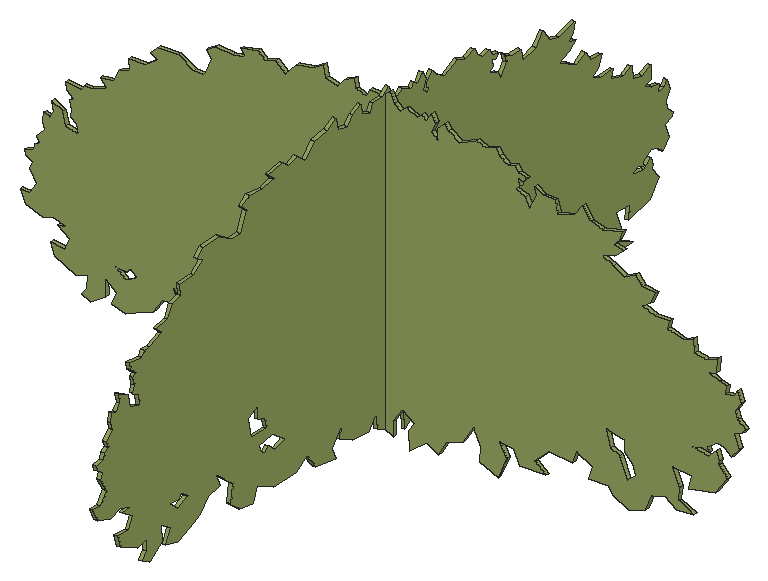
Revit family "L-PL상록관목_눈향나무", category 수목, Revit 2019
Family settings
  OmniClass 번호 = 23.40.05.00
  OmniClass 제목 = Plants and Planting Products
  작업 기준면 기반 = 아니오
  항상 수직 = 예
  로드될 때 보이드를 사용하여 절단 = 아니오
  렌더 모양 소스 = 패밀리 형상
  공유 = 아니오
Parameters (values of type "눈향나무")
  한국산업규격KS = ""
  조달청표준공사코드-세부공종 = "10161599202809"
  높이 = 1000 mm
  건설정보분류체계-부위분류 = "E985"
  LIM_INFO_주의사항 = "재배포, 재가공, 판매 금지"
  LIM_INFO_제작일 = "20211210"
  LIM_INFO_버전 = "2022_V01"
  LIM_INFO_PL_학명 = "Quercus myrsinaefolia Bl."
  LIM_INFO_PL_품명 = "가시나무"
  LIM_INFO_PL_주당인정수량 = 0
  LIM_INFO_PL_수목단위 = "주"
  LIM_INFO_PL_규격 = "5.0H X 18R"
  LIM_INFO_PL_구분 = "상록교목"
  LIM_INFO_PL_가격 = 0
  LIM_INFO_PL_Qty [instance] = 0
  LIM_INFO_PL_M2당수량 = 0
  KBIMS_식별-버전 = ""
  KBIMS_식별-bSK등록번호 = ""
  KBIMS_보급정보-저작자 = "림인포테크_MMJ"
  KBIMS_보급정보-보급코드 = ""
Reference planes
  plane 1 "중심(앞/뒤)": y = 0
  plane 2: z = 0
  plane 3 "중심(왼쪽/오른쪽)": x = 0
  plane 4: x = 482.5
  plane 5: x = -607.5
  plane 6: z = -545
  plane 7: z = -817.5
  plane 8: z = 5000
  plane 9: x = -100
  plane 10: x = 100
Dimensions and locks
  plane 4 to plane 5 = 1090 mm
  plane 6 to level = 545 mm
  plane 7 to plane 6 = 272.5 mm
  locked: level to plane 8 at 5000
  plane 9 to plane 10 = 200 mm
  aligned and locked: level to plane 2
Nested families
  nested 1: "눈향나무_base" at (0, 0, 0), type "눈향나무_base"
Definition of nested family "눈향나무_base"
  Parameters (values of type "눈향나무_base")
    Height = 6000 mm
  Reference planes
    plane 1 "중심(앞/뒤)": y = 0
    plane 2: z = 0
    plane 3 "중심(왼쪽/오른쪽)": x = 0
  Forms (mm)
    Extrusion 1, solid, detail levels fine
      sketch origin (0, 0, 0) x (1, 0, 0) y (0, 0, 1)
        loop
          line (-356.939, 324.391) -> (-371.23, 319.979) -> (-379.217, 304.222) -> (-398.552, 300.65) -> (-389.823, 291.651) -> (-411.089, 283.215) -> (-420.879, 283.215) -> (-424.929, 276.466) -> (-446.533, 279.165) -> (-445.183, 269.379) -> (-436.069, 261.955) -> (-440.795, 258.243) -> (-438.094, 247.108) -> (-440.457, 237.659) -> (-431.343, 232.26) -> (-428.939, 218.424) -> (-447.025, 224.167) -> (-450.855, 240.759) -> (-466.602, 248.416) -> (-463.41, 236.079) -> (-469.581, 227.358) -> (-477.879, 229.91) -> (-479.581, 218.211) -> (-476.39, 208.213) -> (-487.242, 197.152) -> (-483.837, 189.281) -> (-490.859, 185.24) -> (-492.349, 177.369) -> (-504.477, 174.179) -> (-502.562, 167.584) -> (-493.838, 161.841) -> (-497.668, 153.545) -> (-487.242, 136.741) -> (-498.082, 121.716) -> (-510.754, 122.058) -> (-502.877, 105.625) -> (-479.246, 98.093) -> (-464.862, 103.571) -> (-445.684, 97.751) -> (-458.013, 95.354) -> (-440.889, 84.056) -> (-447.739, 69.335) -> (-467.602, 70.704) -> (-462.808, 54.613) -> (-433.012, 41.261) -> (-416.574, 45.37) -> (-416.916, 29.621) -> (-424.451, 20.377) -> (-412.122, 14.557) -> (-390.546, 29.279) -> (-391.573, 51.19) -> (-374.792, 39.892) -> (-383.011, 22.089) -> (-363.242, 17.522) -> (-334.64, 29.235) -> (-323.26, 33.808) -> (-310.449, 51.539) -> (-288.755, 55.522) -> (-295.131, 72.019) -> (-266.627, 48.399) -> (-270.003, 23.654) -> (-253.501, 10.531) -> (-230.623, 7.532) -> (-223.497, 26.653) -> (-193.868, 12.406) -> (-154.863, 12.406) -> (-136.486, 25.528) -> (-120.268, 5.041) -> (-85.159, 0.187) -> (-92.629, 15.869) -> (-77.689, 36.405) -> (-78.062, 21.843) -> (-55.652, 10.268) -> (-28.386, 9.148) -> (-14.94, 26.697) -> (-12.326, 5.414) -> (12.326, -5.414) -> (12.326, 14.002) -> (25.025, 32.671) -> (42.579, 21.096) -> (33.989, 9.148) -> (35.856, -15.495) -> (59.387, 3.174) -> (76.568, -5.414) -> (87.4, 13.255) -> (110.348, 23.017) -> (125.567, 46.024) -> (134.847, 24.501) -> (132.991, 4.834) -> (159.346, -5.185) -> (170.853, 23.017) -> (161.202, 40.458) -> (181.617, 39.344) -> (189.784, 20.42) -> (225.79, 21.162) -> (210.571, 33.407) -> (230.987, 52.332) -> (263.281, 50.106) -> (269.962, 66.062) -> (291.438, 54.721) -> (286.881, 38.416) -> (313.745, 38.416) -> (320.074, 29.316) -> (341.974, 18.554) -> (366.102, 26.718) -> (375.01, 47.498) -> (392.457, 54.178) -> (409.903, 41.932) -> (434.037, 44.295) -> (411.766, 55.056) -> (413.622, 71.384) -> (404.342, 94.39) -> (429.954, 92.535) -> (426.985, 75.094) -> (464.847, 83.258) -> (480.808, 105.893) -> (468.671, 120.448) -> (470.516, 125.29) -> (465.903, 136.356) -> (454.603, 126.212) -> (432.693, 129.44) -> (443.763, 133.82) -> (454.603, 130.362) -> (452.757, 137.048) -> (466.365, 146.27) -> (477.204, 143.965) -> (487.122, 135.434) -> (497.731, 148.576) -> (491.504, 166.328) -> (502.343, 170.94) -> (505.803, 176.012) -> (494.732, 185.465) -> (491.96, 196.067) -> (500.423, 207.729) -> (494.705, 221.677) -> (491.045, 214.131) -> (478.007, 212.073) -> (480.066, 222.134) -> (468.629, 224.421) -> (456.506, 231.052) -> (465.655, 234.253) -> (467.028, 252.317) -> (452.16, 245.457) -> (435.005, 248.887) -> (432.946, 265.351) -> (419.451, 258.72) -> (396.806, 265.351) -> (400.237, 276.098) -> (379.022, 274.965) -> (362.235, 281.768) -> (372.897, 288.798) -> (379.703, 303.766) -> (361.555, 305.353) -> (352.254, 317.826) -> (337.055, 309.208) -> (321.402, 317.826) -> (304.615, 325.31) -> (322.99, 331.433) -> (334.786, 341.184) -> (322.082, 344.813) -> (329.115, 351.843) -> (333.652, 364.996) -> (306.401, 357.788) -> (288.605, 362.306) -> (277.588, 377.696) -> (266.43, 361.882) -> (242.472, 355.601) -> (239.384, 371.457) -> (221.979, 371.457) -> (210.469, 377.772) -> (213.416, 367.107) -> (203.591, 349.707) -> (198.116, 361.494) -> (183.331, 366.087) -> (189.344, 371.429) -> (188.23, 380.556) -> (194.465, 378.998) -> (199.587, 385.008) -> (188.23, 387.679) -> (183.554, 395.47) -> (172.643, 391.686) -> (161.732, 399.922) -> (157.278, 407.936) -> (142.359, 402.593) -> (128.776, 407.268) -> (105.84, 396.806) -> (89.696, 406.127) -> (84.163, 412.985) -> (74.426, 402.809) -> (74.869, 388.871) -> (66.017, 396.835) -> (71.328, 408.118) -> (66.017, 418.958) -> (58.714, 407.454) -> (51.853, 413.206) -> (46.764, 406.791) -> (31.494, 413.87) -> (23.306, 408.118) -> (13.79, 413.649) -> (8.036, 426.701) -> (-3.565, 418.6) -> (-20.465, 418.38) -> (-24.416, 408.068) -> (-39.779, 413.773) -> (-41.535, 425.84) -> (-55.362, 418.819) -> (-65.239, 408.507) -> (-82.139, 412.237) -> (-84.992, 427.157) -> (-99.917, 418.38) -> (-122.523, 414.65) -> (-138.677, 397.201) -> (-152.2, 408.987) -> (-167.11, 403.787) -> (-178.205, 412.106) -> (-202.131, 407.254) -> (-194.156, 398.935) -> (-213.226, 395.122) -> (-236.805, 397.201) -> (-249.981, 388.189) -> (-241.659, 380.217) -> (-252.062, 355.891) -> (-267.923, 355.891) -> (-289.058, 368.299) -> (-317.848, 367.251) -> (-327.516, 357.586) -> (-317.638, 352.544) -> (-334.241, 339.728) -> (-358.62, 338.888) -> (-356.939, 324.391)
        loop
          line (-210.576, 106.624) -> (-221.467, 109.346) -> (-221.467, 125.95) -> (-239.438, 117.784) -> (-233.992, 91.381) -> (-206.219, 91.381) -> (-210.576, 106.624)
        loop
          line (-376.597, 71.066) -> (-363.011, 59.238) -> (-345.482, 67.561) -> (-356.438, 75.885) -> (-360.422, 70.641) -> (-376.597, 71.066)
        loop
          line (-173.162, 63.797) -> (-195.849, 79.379) -> (-220.354, 75.841) -> (-216.731, 66.247) -> (-210.261, 60.549) -> (-203.745, 67.947) -> (-192.309, 57.876) -> (-173.162, 63.797)
        loop
          line (316.889, 88.044) -> (329.65, 81.885) -> (341.532, 55.491) -> (352.571, 65.503) -> (348.573, 78.366) -> (336.691, 89.804) -> (336.691, 104.76) -> (312.048, 110.039) -> (316.889, 88.044)
      from 0 to 5
    Extrusion 2, solid, detail levels fine
      sketch origin (-5, -5, 0) x (0, 1, 0) y (0, 0, 1)
        loop
          line (-356.939, 324.391) -> (-371.23, 319.979) -> (-379.217, 304.222) -> (-398.552, 300.65) -> (-389.823, 291.651) -> (-411.089, 283.215) -> (-420.879, 283.215) -> (-424.929, 276.466) -> (-446.533, 279.165) -> (-445.183, 269.379) -> (-436.069, 261.955) -> (-440.795, 258.243) -> (-438.094, 247.108) -> (-440.457, 237.659) -> (-431.343, 232.26) -> (-428.939, 218.424) -> (-447.025, 224.167) -> (-450.855, 240.759) -> (-466.602, 248.416) -> (-463.41, 236.079) -> (-469.581, 227.358) -> (-477.879, 229.91) -> (-479.581, 218.211) -> (-476.39, 208.213) -> (-487.242, 197.152) -> (-483.837, 189.281) -> (-490.859, 185.24) -> (-492.349, 177.369) -> (-504.477, 174.179) -> (-502.562, 167.584) -> (-493.838, 161.841) -> (-497.668, 153.545) -> (-487.242, 136.741) -> (-498.082, 121.716) -> (-510.754, 122.058) -> (-502.877, 105.625) -> (-479.246, 98.093) -> (-464.862, 103.571) -> (-445.684, 97.751) -> (-458.013, 95.354) -> (-440.889, 84.056) -> (-447.739, 69.335) -> (-467.602, 70.704) -> (-462.808, 54.613) -> (-433.012, 41.261) -> (-416.574, 45.37) -> (-416.916, 29.621) -> (-424.451, 20.377) -> (-412.122, 14.557) -> (-390.546, 29.279) -> (-391.573, 51.19) -> (-374.792, 39.892) -> (-383.011, 22.089) -> (-363.242, 17.522) -> (-334.64, 29.235) -> (-323.26, 33.808) -> (-310.449, 51.539) -> (-288.755, 55.522) -> (-295.131, 72.019) -> (-266.627, 48.399) -> (-270.003, 23.654) -> (-253.501, 10.531) -> (-230.623, 7.532) -> (-223.497, 26.653) -> (-193.868, 12.406) -> (-154.863, 12.406) -> (-136.486, 25.528) -> (-120.268, 5.041) -> (-85.159, 0.187) -> (-92.629, 15.869) -> (-77.689, 36.405) -> (-78.062, 21.843) -> (-55.652, 10.268) -> (-28.386, 9.148) -> (-14.94, 26.697) -> (-12.326, 5.414) -> (12.326, -5.414) -> (12.326, 14.002) -> (25.025, 32.671) -> (42.579, 21.096) -> (33.989, 9.148) -> (35.856, -15.495) -> (59.387, 3.174) -> (76.568, -5.414) -> (87.4, 13.255) -> (110.348, 23.017) -> (125.567, 46.024) -> (134.847, 24.501) -> (132.991, 4.834) -> (159.346, -5.185) -> (170.853, 23.017) -> (161.202, 40.458) -> (181.617, 39.344) -> (189.784, 20.42) -> (225.79, 21.162) -> (210.571, 33.407) -> (230.987, 52.332) -> (263.281, 50.106) -> (269.962, 66.062) -> (291.438, 54.721) -> (286.881, 38.416) -> (313.745, 38.416) -> (320.074, 29.316) -> (341.974, 18.554) -> (366.102, 26.718) -> (375.01, 47.498) -> (392.457, 54.178) -> (409.903, 41.932) -> (434.037, 44.295) -> (411.766, 55.056) -> (413.622, 71.384) -> (404.342, 94.39) -> (429.954, 92.535) -> (426.985, 75.094) -> (464.847, 83.258) -> (480.808, 105.893) -> (468.671, 120.448) -> (470.516, 125.29) -> (465.903, 136.356) -> (454.603, 126.212) -> (432.693, 129.44) -> (443.763, 133.82) -> (454.603, 130.362) -> (452.757, 137.048) -> (466.365, 146.27) -> (477.204, 143.965) -> (487.122, 135.434) -> (497.731, 148.576) -> (491.504, 166.328) -> (502.343, 170.94) -> (505.803, 176.012) -> (494.732, 185.465) -> (491.96, 196.067) -> (500.423, 207.729) -> (494.705, 221.677) -> (491.045, 214.131) -> (478.007, 212.073) -> (480.066, 222.134) -> (468.629, 224.421) -> (456.506, 231.052) -> (465.655, 234.253) -> (467.028, 252.317) -> (452.16, 245.457) -> (435.005, 248.887) -> (432.946, 265.351) -> (419.451, 258.72) -> (396.806, 265.351) -> (400.237, 276.098) -> (379.022, 274.965) -> (362.235, 281.768) -> (372.897, 288.798) -> (379.703, 303.766) -> (361.555, 305.353) -> (352.254, 317.826) -> (337.055, 309.208) -> (321.402, 317.826) -> (304.615, 325.31) -> (322.99, 331.433) -> (334.786, 341.184) -> (322.082, 344.813) -> (329.115, 351.843) -> (333.652, 364.996) -> (306.401, 357.788) -> (288.605, 362.306) -> (277.588, 377.696) -> (266.43, 361.882) -> (242.472, 355.601) -> (239.384, 371.457) -> (221.979, 371.457) -> (210.469, 377.772) -> (213.416, 367.107) -> (203.591, 349.707) -> (198.116, 361.494) -> (183.331, 366.087) -> (189.344, 371.429) -> (188.23, 380.556) -> (194.465, 378.998) -> (199.587, 385.008) -> (188.23, 387.679) -> (183.554, 395.47) -> (172.643, 391.686) -> (161.732, 399.922) -> (157.278, 407.936) -> (142.359, 402.593) -> (128.776, 407.268) -> (105.84, 396.806) -> (89.696, 406.127) -> (84.163, 412.985) -> (74.426, 402.809) -> (74.869, 388.871) -> (66.017, 396.835) -> (71.328, 408.118) -> (66.017, 418.958) -> (58.714, 407.454) -> (51.853, 413.206) -> (46.764, 406.791) -> (31.494, 413.87) -> (23.306, 408.118) -> (13.79, 413.649) -> (8.036, 426.701) -> (-3.565, 418.6) -> (-20.465, 418.38) -> (-24.416, 408.068) -> (-39.779, 413.773) -> (-41.535, 425.84) -> (-55.362, 418.819) -> (-65.239, 408.507) -> (-82.139, 412.237) -> (-84.992, 427.157) -> (-99.917, 418.38) -> (-122.523, 414.65) -> (-138.677, 397.201) -> (-152.2, 408.987) -> (-167.11, 403.787) -> (-178.205, 412.106) -> (-202.131, 407.254) -> (-194.156, 398.935) -> (-213.226, 395.122) -> (-236.805, 397.201) -> (-249.981, 388.189) -> (-241.659, 380.217) -> (-252.062, 355.891) -> (-267.923, 355.891) -> (-289.058, 368.299) -> (-317.848, 367.251) -> (-327.516, 357.586) -> (-317.638, 352.544) -> (-334.241, 339.728) -> (-358.62, 338.888) -> (-356.939, 324.391)
        loop
          line (-210.576, 106.624) -> (-221.467, 109.346) -> (-221.467, 125.95) -> (-239.438, 117.784) -> (-233.992, 91.381) -> (-206.219, 91.381) -> (-210.576, 106.624)
        loop
          line (-376.597, 71.066) -> (-363.011, 59.238) -> (-345.482, 67.561) -> (-356.438, 75.885) -> (-360.422, 70.641) -> (-376.597, 71.066)
        loop
          line (-173.162, 63.797) -> (-195.849, 79.379) -> (-220.354, 75.841) -> (-216.731, 66.247) -> (-210.261, 60.549) -> (-203.745, 67.947) -> (-192.309, 57.876) -> (-173.162, 63.797)
        loop
          line (316.889, 88.044) -> (329.65, 81.885) -> (341.532, 55.491) -> (352.571, 65.503) -> (348.573, 78.366) -> (336.691, 89.804) -> (336.691, 104.76) -> (312.048, 110.039) -> (316.889, 88.044)
      from 0 to 5
    Revolve 3, solid, detail levels coarse
      sketch origin (0, 0, 0) x (1, 0, 0) y (0, 0, 1)
        loop
          line (0, 0) -> (0, 439.957)
          arc (0, 439.957) -> (-239.001, 364.131) -> (-411.925, 182.558) r 504.206
          arc (-411.925, 182.558) -> (-423.751, 80.383) -> (-359.577, 0) r 133.813
          line (-359.577, 0) -> (0, 0)
        axis (0, 439.957) -> (0, 0)
      angle from 0 to 360
  Lines and regions (mm)
    symbolic lines
      curve 1: circle (-5, -2.887, 0) r 276.038 normal (0, 0, 1)
      curve 2: line (-48.375, -2.887, 0) -> (47.05, -2.887, 0)
      curve 3: line (-5, 46.699, 0) -> (-5, -52.474, 0)
      curve 4: line (-286.317, 174.193, 0) -> (-400.665, 241.645, 0)
      curve 5: line (-287.14, -153.085, 0) -> (-401.572, -220.395, 0)
      curve 6: line (-275.096, -172.096, 0) -> (-362.019, -231.756, 0)
      curve 7: line (-258.225, -194.602, 0) -> (-360.719, -278.983, 0)
      curve 8: line (-316.253, -290.924, 0) -> (-239.457, -215.552, 0)
      curve 9: line (-239.457, -215.552, 0) -> (-334.206, -308.545, 0)
      curve 10: line (-218.934, -234.786, 0) -> (-305.218, -335.684, 0)
      curve 11: line (-265.209, -185.777, 0) -> (-370.585, -266.53, 0)
      curve 12: line (-253.566, 219.865, 0) -> (-354.464, 306.148, 0)
      curve 13: line (-319.399, 96.799, 0) -> (-410.256, 122.056, 0)
      curve 14: line (-329.78, 41.564, 0) -> (-461.92, 54.371, 0)
      curve 15: line (-331.322, 13.479, 0) -> (-428.727, 14.39, 0)
      curve 16: line (-327.054, -42.559, 0) -> (-458.007, -64.389, 0)
      curve 17: line (-321.275, -70.087, 0) -> (-449.827, -103.247, 0)
      curve 18: line (-313.119, -97.006, 0) -> (-409.27, -130.987, 0)
      curve 19: line (-302.648, -123.111, 0) -> (-396.529, -165.825, 0)
      curve 20: line (-318.295, -80.939, 0) -> (-445.611, -118.565, 0)
      curve 21: line (-304.924, -117.965, 0) -> (-399.323, -158.941, 0)
      curve 22: line (-289.941, -148.205, 0) -> (-405.531, -213.507, 0)
      curve 23: line (-310.64, 123.527, 0) -> (-434.963, 170.098, 0)
      curve 24: line (303.425, 89.797, 0) -> (431.977, 122.957, 0)
      curve 25: line (313.473, 6.231, 0) -> (446.227, 4.989, 0)
      curve 26: line (309.204, 62.269, 0) -> (411.05, 79.247, 0)
      curve 27: line (292.79, -103.817, 0) -> (417.114, -150.388, 0)
      curve 28: line (301.549, -77.088, 0) -> (429.459, -112.647, 0)
      curve 29: line (307.945, -49.698, 0) -> (413.832, -69.391, 0)
      curve 30: line (311.93, -21.854, 0) -> (418.069, -32.141, 0)
      curve 31: line (286.428, -119.452, 0) -> (387.499, -163.474, 0)
      curve 32: line (253.089, -178.033, 0) -> (361.123, -255.195, 0)
      curve 33: line (246.372, -187.063, 0) -> (335.564, -255.591, 0)
      curve 34: line (281.735, -129.681, 0) -> (381.528, -177.356, 0)
      curve 35: line (382.815, -221.935, 0) -> (268.467, -154.483, 0)
      curve 36: line (268.467, -154.483, 0) -> (382.815, -221.935, 0)
      curve 37: line (-196.813, -252.159, 0) -> (-273.975, -360.193, 0)
      curve 38: line (-173.262, -267.537, 0) -> (-240.715, -381.885, 0)
      curve 39: line (-210.269, -241.966, 0) -> (-278.192, -327.248, 0)
      curve 40: line (-178.078, -264.627, 0) -> (-235.788, -358.669, 0)
      curve 41: line (149.135, -271.162, 0) -> (205.545, -371.01, 0)
      curve 42: line (158.846, -265.474, 0) -> (228.143, -378.714, 0)
      curve 43: line (195.532, -239.445, 0) -> (279.914, -341.939, 0)
      curve 44: line (216.482, -220.677, 0) -> (309.476, -315.426, 0)
      curve 45: line (235.716, -200.155, 0) -> (321.502, -273.515, 0)
      curve 46: line (220.471, -216.708, 0) -> (301.274, -296.212, 0)
      curve 47: line (173.026, -256.316, 0) -> (248.154, -365.774, 0)
      curve 48: line (191.15, -242.976, 0) -> (262.098, -332.284, 0)
      curve 49: line (15.563, -311.632, 0) -> (25.897, -443.989, 0)
      curve 50: line (-89.216, -418.521, 0) -> (-68.478, -307.015, 0)
      curve 51: line (-68.478, -307.015, 0) -> (-92.753, -437.537, 0)
      curve 52: line (-12.549, -312.542, 0) -> (-13.618, -426.879, 0)
      curve 53: line (9.949, -312.01, 0) -> (16.874, -426.402, 0)
      curve 54: line (-95.868, -300.619, 0) -> (-131.427, -428.528, 0)
      curve 55: line (-106.651, -297.396, 0) -> (-146.651, -423.986, 0)
      curve 56: line (-40.634, -311, 0) -> (-53.441, -443.141, 0)
      curve 57: line (-29.417, -311.911, 0) -> (-37.605, -444.418, 0)
      curve 58: line (-148.461, -280.805, 0) -> (-196.464, -381.285, 0)
      curve 59: line (-122.597, -291.86, 0) -> (-161.93, -396.862, 0)
      curve 60: line (-143.367, -283.196, 0) -> (-198.497, -403.968, 0)
      curve 61: line (43.49, -308.274, 0) -> (65.32, -439.227, 0)
      curve 62: line (49.034, -307.311, 0) -> (69.902, -420.3, 0)
      curve 63: line (71.017, -302.495, 0) -> (104.177, -431.047, 0)
      curve 64: line (97.936, -294.339, 0) -> (136.251, -402.752, 0)
      curve 65: line (179.021, -404.709, 0) -> (124.041, -283.868, 0)
      curve 66: line (124.041, -283.868, 0) -> (179.021, -404.709, 0)
      curve 67: line (87.255, -297.883, 0) -> (121.766, -407.577, 0)
      curve 68: line (295.269, 116.716, 0) -> (420.442, 160.954, 0)
      curve 69: line (272.092, 167.915, 0) -> (357.965, 216.429, 0)
      curve 70: line (257.247, 191.806, 0) -> (366.705, 266.934, 0)
      curve 71: line (-166.985, 290.872, 0) -> (-232.287, 406.461, 0)
      curve 72: line (-190.875, 276.026, 0) -> (-241.189, 349.331, 0)
      curve 73: line (-213.381, 259.156, 0) -> (-270.135, 328.091, 0)
      curve 74: line (-61.339, 327.984, 0) -> (-75.883, 415.226, 0)
      curve 75: line (-115.785, 314.049, 0) -> (-160.024, 439.222, 0)
      curve 76: line (-5.3, 332.253, 0) -> (-4.059, 465.007, 0)
      curve 77: line (104.747, 311.57, 0) -> (136.683, 396.824, 0)
      curve 78: line (78.019, 320.329, 0) -> (102.227, 407.412, 0)
      curve 79: line (178.964, 271.869, 0) -> (233.282, 347.919, 0)
      curve 80: line (201.085, 254.496, 0) -> (287.369, 355.394, 0)
      curve 81: line (221.608, 235.262, 0) -> (316.357, 328.255, 0)
      curve 82: line (130.611, 300.515, 0) -> (187.841, 420.306, 0)
      curve 83: line (22.785, 330.71, 0) -> (35.592, 462.851, 0)
  Dimensions and locks
    aligned and locked: level to plane 2
